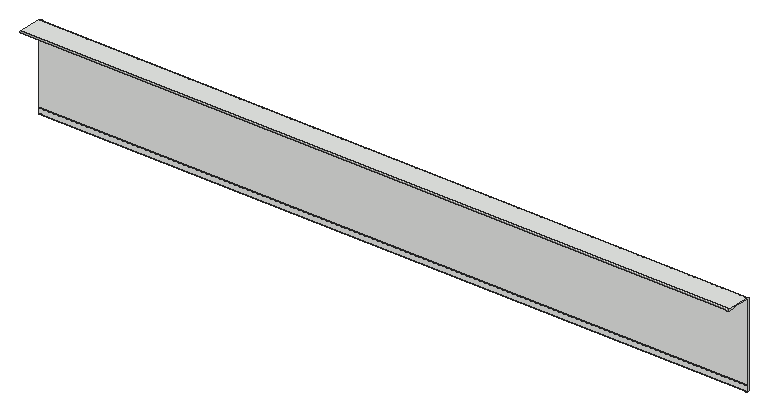
Revit family "profiles PR688 2015", category Generic Models, Revit 2015
Parameters (values of type "ISOLAMIN PR688 flashing")
  Profile Length [instance] = 1180 mm
Reference planes
  plane 1 "Center (Front/Back)": y = 0
  plane 2: z = 0
  plane 3 "Center (Left/Right)": x = 0
  plane 4: x = 1180
Forms (mm)
  Extrusion 1, solid, material "ISOLAMIN Surface Material"
    sketch origin (0, 102.66, -87.987) x (0, 1, 0) y (0, 0, 1)
      loop
        line (-103.67, 228.121) -> (-142.226, 228.121)
        arc (-142.226, 228.121) -> (-142.97, 227.121) -> (-142.226, 226.121) r 1.044
        line (-142.226, 226.121) -> (-133.67, 226.121) -> (-133.67, 227.121) -> (-103.97, 227.121) -> (-103.97, 98.121) -> (-104.97, 98.121) -> (-104.97, 88.865)
        arc (-104.97, 88.865) -> (-103.97, 88.121) -> (-102.97, 88.865) r 1.044
        line (-102.97, 88.865) -> (-102.97, 227.421)
        arc (-102.97, 227.421) -> (-103.175, 227.916) -> (-103.67, 228.121) r 0.7
    from 0 to 1180
Dimensions and locks
  "Profile Length": plane 3 "Center (Left/Right)" to plane 4
  aligned and locked: level to plane 2
  aligned and locked: plane 4 to Extrusion 1
Automatic sketch dimensions
  plane 1 "Center (Front/Back)" to Extrusion 1 sketch curve = 39.566 mm
  Extrusion 1 sketch curve to Extrusion 1 sketch curve = 0 mm
  Extrusion 1 sketch curve to Extrusion 1 sketch curve = 0.3 mm  (x4)
  level to Extrusion 1 sketch curve = 138.134 mm
  Extrusion 1 sketch curve to Extrusion 1 sketch curve = 1 mm  (x3)
  Extrusion 1 sketch curve to Extrusion 1 sketch curve = 8.256 mm
  Extrusion 1 sketch curve to Extrusion 1 sketch curve = 29.7 mm
  level to Extrusion 1 sketch curve = 0.878 mm
  Extrusion 1 sketch curve to Extrusion 1 sketch curve = 9.256 mm
  Extrusion 1 sketch curve to Extrusion 1 sketch curve = 2 mm
